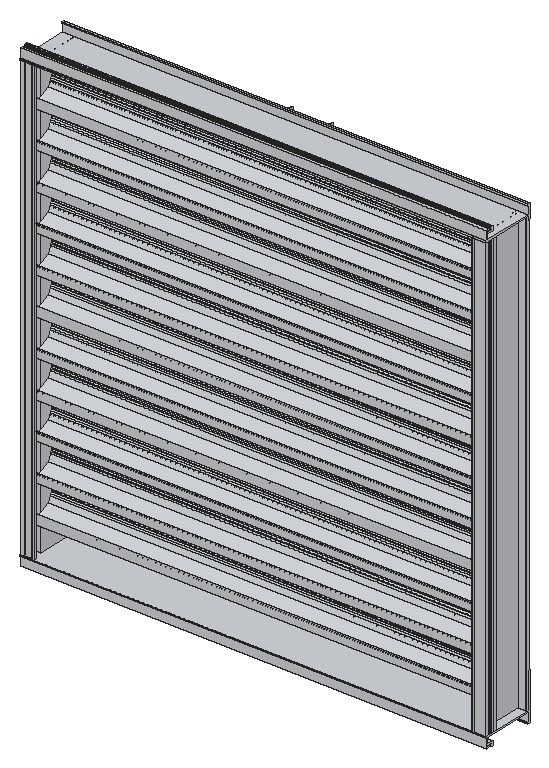
Revit family "AFL-D-4", category Mechanical Equipment, Revit 2015
Parameters
  URL = "http://unitedenertech.com/catalog/pdf/A_25%20AFL-D-4.pdf"
  Type Comments = "Max. Single Section Size is (60\"w  x  96\"h)"
  Model = "AFL-D-4"
  Manufacturer = "United Enertech Corporation"
  Exact Width = 3' - 0"
  Exact Height = 3' - 0"
  Description = "High Performance Adjustable Louver 4\""
  Depth = 0' - 4.21363"
  Bracket Spacing = 0' - 2.88"
  Bracket Number [instance] = rounddown((Exact Height - 0' 4 7/16") / 0' 2 225/256")  # 10
  Blade Spacing = 0' - 2.88"
  Blade Number [instance] = rounddown((Exact Height - 0' 1 3/4") / 0' 2 225/256")  # 11
  BW [instance] = Exact Width - 0' 1 11/16" - 0' 0 1/4"  # 2' - 10 1/16"
Reference planes (in)
  plane 1 "Center (Front/Back)": y = 0
  plane 2: z = 0
  plane 3 "Center (Left/Right)": x = 0
  plane 4: x = -18
  plane 5: x = 18
  plane 6: z = 36
  plane 7: x = -17.166
  plane 8: x = 17.166
  plane 9: z = 0.875
  plane 10: z = 35.125
  plane 11: y = 4.21363
  plane 12: x = -3
  plane 13: x = 3
  plane 14: z = 31.44324
  plane 15: z = 2.24717
Forms (in)
  Extrusion 1, solid
    sketch origin (25.60843, -7.07012, 0) x (1, 0, 0) y (0, 1, 0)
      loop
        line (-43.52743, 11.01475) -> (-43.52743, 11.12175) -> (-42.85543, 11.12175) -> (-42.85543, 8.12175) -> (-43.56243, 8.12175) -> (-43.56243, 7.70275) -> (-43.60843, 7.70275) -> (-43.60843, 7.62175) -> (-43.56243, 7.62175) -> (-43.56243, 7.55975) -> (-43.48143, 7.55975) -> (-43.48143, 7.62175) -> (-43.39343, 7.62175) -> (-43.39343, 7.20275) -> (-43.48143, 7.20275) -> (-43.48143, 7.34075) -> (-43.56243, 7.34075) -> (-43.56243, 7.12175) -> (-42.60152, 7.12175) -> (-42.60152, 7.07012) -> (-42.48343, 7.07012) -> (-42.48343, 7.20275) -> (-42.77443, 7.20275) -> (-42.77443, 7.30975) -> (-42.85543, 7.30975) -> (-42.85543, 7.20275) -> (-43.31243, 7.20275) -> (-43.31243, 7.70275) -> (-43.48143, 7.70275) -> (-43.48143, 8.04075) -> (-42.77443, 8.04075) -> (-42.77443, 11.15275) -> (-42.48343, 11.15275) -> (-42.48343, 11.20275) -> (-43.60843, 11.20275) -> (-43.60843, 11.01475) -> (-43.52743, 11.01475)
    from 0.875 to 35.125
  Extrusion 2, solid
    sketch origin (-25.60843, -7.07012, 0) x (-1, 0, 0) y (0, -1, 0)
      loop
        line (-43.52743, -11.01475) -> (-43.60843, -11.01475) -> (-43.60843, -11.20275) -> (-42.48343, -11.20275) -> (-42.48343, -11.15275) -> (-42.77443, -11.15275) -> (-42.77443, -8.04075) -> (-43.48143, -8.04075) -> (-43.48143, -7.70275) -> (-43.31243, -7.70275) -> (-43.31243, -7.20275) -> (-42.85543, -7.20275) -> (-42.85543, -7.30975) -> (-42.77443, -7.30975) -> (-42.77443, -7.20275) -> (-42.48343, -7.20275) -> (-42.48343, -7.07012) -> (-42.60152, -7.07012) -> (-42.60152, -7.12175) -> (-43.56243, -7.12175) -> (-43.56243, -7.34075) -> (-43.48143, -7.34075) -> (-43.48143, -7.20275) -> (-43.39343, -7.20275) -> (-43.39343, -7.62175) -> (-43.48143, -7.62175) -> (-43.48143, -7.55975) -> (-43.56243, -7.55975) -> (-43.56243, -7.62175) -> (-43.60843, -7.62175) -> (-43.60843, -7.70275) -> (-43.56243, -7.70275) -> (-43.56243, -8.12175) -> (-42.85543, -8.12175) -> (-42.85543, -11.12175) -> (-43.52743, -11.12175) -> (-43.52743, -11.01475)
    from 0.875 to 35.125
  Extrusion 3, solid
    sketch origin (-45.52421, 51.14788, -11.06076) x (0, 1, 0) y (0, 0, 1)
      loop
        line (-50.59625, 11.06076) -> (-50.51525, 11.06076) -> (-50.51525, 11.38576) -> (-51.01525, 11.38576) -> (-51.01525, 11.85476) -> (-47.01525, 11.85476) -> (-47.01525, 11.14176) -> (-47.12225, 11.14176) -> (-47.12225, 11.06076) -> (-46.93425, 11.06076) -> (-46.93425, 14.73576) -> (-47.01525, 14.73576) -> (-47.01525, 11.93576) -> (-51.14788, 11.93576) -> (-51.14788, 11.85476) -> (-51.09625, 11.85476) -> (-51.09625, 11.13576) -> (-50.87825, 11.13576) -> (-50.87825, 11.21676) -> (-51.01525, 11.21676) -> (-51.01525, 11.30476) -> (-50.59625, 11.30476) -> (-50.59625, 11.21676) -> (-50.65925, 11.21676) -> (-50.65925, 11.13576) -> (-50.59625, 11.13576) -> (-50.59625, 11.06076)
    from 27.52421 to 63.52421
  Extrusion 4, solid
    sketch origin (-48.17663, 52.05692, 22.47467) x (0, 1, 0) y (0, 0, 1)
      loop
        line (-51.50529, 13.52533) -> (-51.50529, 13.45033) -> (-51.56829, 13.45033) -> (-51.56829, 13.36933) -> (-51.50529, 13.36933) -> (-51.50529, 13.28133) -> (-51.92429, 13.28133) -> (-51.92429, 13.36933) -> (-51.78729, 13.36933) -> (-51.78729, 13.45033) -> (-52.00529, 13.45033) -> (-52.00529, 12.73133) -> (-52.05692, 12.73133) -> (-52.05692, 12.65033) -> (-47.92429, 12.65033) -> (-47.92429, 12.40033) -> (-47.84329, 12.40033) -> (-47.84329, 13.52533) -> (-48.03129, 13.52533) -> (-48.03129, 13.44433) -> (-47.92429, 13.44433) -> (-47.92429, 12.73133) -> (-51.92429, 12.73133) -> (-51.92429, 13.20033) -> (-51.42429, 13.20033) -> (-51.42429, 13.52533) -> (-51.50529, 13.52533)
    from 30.17663 to 66.17663
  Extrusion 5, solid
    sketch origin (8.62965, -6.98759, 0) x (1, 0, 0) y (0, 1, 0)
      loop
        line (-11.62965, 11.20123) -> (-10.12965, 11.20123) -> (-10.12965, 12.70123) -> (-10.25465, 12.70123) -> (-10.25465, 11.32623) -> (-11.62965, 11.32623) -> (-11.62965, 11.20123)
    from 0.875 to 35.125
  Extrusion 6, solid
    sketch origin (-8.62965, -6.98759, 0) x (-1, 0, 0) y (0, -1, 0)
      loop
        line (-11.62965, -11.20123) -> (-11.62965, -11.32623) -> (-10.25465, -11.32623) -> (-10.25465, -12.70123) -> (-10.12965, -12.70123) -> (-10.12965, -11.20123) -> (-11.62965, -11.20123)
    from 0.875 to 35.125
  Extrusion 7, solid
    sketch origin (0, 0, 0) x (1, 0, 0) y (0, 1, 0)
      loop
        circle (0, 4.47263) r 0.17701
    from 2.24717 to 31.44324
Dimensions and locks (in)
  equal spacing: plane 4, plane 3 "Center (Left/Right)", plane 5
  "Exact Width": plane 4 to plane 5
  "Exact Height": plane 6 to level
  locked: plane 4 to plane 7 at 0.834
  locked: plane 8 to plane 5 at 0.834
  locked: plane 9 to level at 0.875
  locked: plane 6 to plane 10 at 0.875
  "Depth": plane 1 "Center (Front/Back)" to plane 11
  equal spacing: group 1, group 2, group 3, group 4, group 5, group 6, group 7, group 14, group 15, group 16, group 17  (x2)
  equal spacing: group 17, group 16, group 15, group 14, group 7, group 6, group 5, group 4, group 3, group 2, group 1
  "Blade Spacing": nested 2 to nested 1
  equal spacing: plane 12, plane 3 "Center (Left/Right)", plane 13
  locked: plane 12 to plane 13 at 6
  locked: plane 6 to plane 14 at 4.55676
  equal spacing: group 8, group 9, group 10, group 11, group 12, group 13, group 18, group 19, group 20, group 21  (x2)
  equal spacing: group 21, group 20, group 19, group 18, group 13, group 12, group 11, group 10, group 9, group 8
  "Bracket Spacing": nested 9 to nested 8
  locked: plane 15 to level at 2.24717
  aligned and locked: level to plane 2
  aligned and locked: Extrusion 1 to plane 9
  aligned and locked: Extrusion 2 to plane 9
  aligned and locked: plane 5 to Extrusion 3
  aligned and locked: plane 4 to Extrusion 3
  aligned and locked: plane 6 to Extrusion 4
  aligned and locked: plane 5 to Extrusion 4
  aligned and locked: plane 4 to Extrusion 4
  aligned and locked: plane 10 to Extrusion 1
  aligned and locked: plane 10 to Extrusion 2
  aligned and locked: plane 3 "Center (Left/Right)" to nested 1
  aligned and locked: plane 10 to nested 1
  aligned and locked: nested 2 to nested 1
  aligned and locked: plane 10 to Extrusion 5
  aligned and locked: Extrusion 5 to plane 9
  aligned and locked: plane 10 to Extrusion 6
  aligned and locked: Extrusion 6 to plane 9
  aligned and locked: plane 9 to Extrusion 5
  aligned and locked: nested 8 to plane 14
  aligned and locked: plane 14 to Extrusion 7
  aligned and locked: Extrusion 7 to plane 15
Automatic sketch dimensions
  Extrusion 1 sketch curve to plane 4 = 0' - 0"  (x2)
  Extrusion 1 sketch curve to plane 7 = 0' - 0"  (x2)
  plane 1 "Center (Front/Back)" to Extrusion 1 sketch curve = 0' - 0"
  Extrusion 1 sketch curve to plane 4 = 0' - 0.046"  (x3)
  Extrusion 1 sketch curve to plane 4 = 0' - 0.081"
  Extrusion 1 sketch curve to Extrusion 1 sketch curve = 0' - 0.081"  (x9)
  Extrusion 1 sketch curve to Extrusion 1 sketch curve = 0' - 0.088"
  plane 7 to Extrusion 1 sketch curve = 0' - 0.081"
  Extrusion 1 sketch curve to plane 7 = 0' - 0.17291"
  plane 11 to Extrusion 1 sketch curve = 0' - 0.081"
  Extrusion 1 sketch curve to plane 7 = 0' - 0.291"
  Extrusion 1 sketch curve to Extrusion 1 sketch curve = 0' - 0.11809"
  Extrusion 1 sketch curve to plane 1 "Center (Front/Back)" = 0' - 0.05163"
  Extrusion 1 sketch curve to plane 1 "Center (Front/Back)" = 0' - 0.13263"
  Extrusion 1 sketch curve to Extrusion 1 sketch curve = 0' - 0"
  Extrusion 1 sketch curve to Extrusion 1 sketch curve = 0' - 0.107"
  Extrusion 1 sketch curve to Extrusion 1 sketch curve = 0' - 0.138"
  Extrusion 1 sketch curve to Extrusion 1 sketch curve = 0' - 0.219"
  Extrusion 1 sketch curve to Extrusion 1 sketch curve = 0' - 0.062"  (x2)
  Extrusion 1 sketch curve to Extrusion 1 sketch curve = 0' - 0.338"
  Extrusion 1 sketch curve to Extrusion 1 sketch curve = 0' - 0.188"
  plane 11 to Extrusion 1 sketch curve = 0' - 0.162"
  Extrusion 1 sketch curve to Extrusion 1 sketch curve = 0' - 0.05"
  Extrusion 2 sketch curve to plane 5 = 0' - 0"  (x2)
  Extrusion 2 sketch curve to plane 8 = 0' - 0"  (x2)
  plane 1 "Center (Front/Back)" to Extrusion 2 sketch curve = 0' - 0"
  Extrusion 2 sketch curve to Extrusion 2 sketch curve = 0' - 0.046"
  plane 5 to Extrusion 2 sketch curve = 0' - 0.046"  (x2)
  plane 5 to Extrusion 2 sketch curve = 0' - 0.081"
  Extrusion 2 sketch curve to Extrusion 2 sketch curve = 0' - 0.081"  (x8)
  Extrusion 2 sketch curve to Extrusion 2 sketch curve = 0' - 0.088"
  plane 8 to Extrusion 2 sketch curve = 0' - 0.081"  (x2)
  Extrusion 2 sketch curve to plane 8 = 0' - 0.17291"
  Extrusion 2 sketch curve to plane 11 = 0' - 0.081"
  Extrusion 2 sketch curve to plane 8 = 0' - 0.291"
  Extrusion 2 sketch curve to Extrusion 2 sketch curve = 0' - 0.11809"
  plane 1 "Center (Front/Back)" to Extrusion 2 sketch curve = 0' - 0.05163"
  plane 1 "Center (Front/Back)" to Extrusion 2 sketch curve = 0' - 0.13263"
  Extrusion 2 sketch curve to Extrusion 2 sketch curve = 0' - 0"
  Extrusion 2 sketch curve to Extrusion 2 sketch curve = 0' - 0.107"
  Extrusion 2 sketch curve to Extrusion 2 sketch curve = 0' - 0.138"
  Extrusion 2 sketch curve to Extrusion 2 sketch curve = 0' - 0.219"
  Extrusion 2 sketch curve to Extrusion 2 sketch curve = 0' - 0.062"  (x2)
  Extrusion 2 sketch curve to Extrusion 2 sketch curve = 0' - 0.338"
  Extrusion 2 sketch curve to Extrusion 2 sketch curve = 0' - 0.188"
  Extrusion 2 sketch curve to plane 11 = 0' - 0.162"
  Extrusion 2 sketch curve to Extrusion 2 sketch curve = 0' - 0.05"
  Extrusion 3 sketch curve to plane 1 "Center (Front/Back)" = 0' - 0"
  Extrusion 3 sketch curve to level = 0' - 0"  (x2)
  plane 9 to Extrusion 3 sketch curve = 0' - 0"
  Extrusion 3 sketch curve to plane 11 = 0' - 0"
  Extrusion 3 sketch curve to plane 1 "Center (Front/Back)" = 0' - 0.05163"
  Extrusion 3 sketch curve to plane 1 "Center (Front/Back)" = 0' - 0.13263"
  Extrusion 3 sketch curve to Extrusion 3 sketch curve = 0' - 0"  (x2)
  level to Extrusion 3 sketch curve = 0' - 0.075"  (x2)
  Extrusion 3 sketch curve to Extrusion 3 sketch curve = 0' - 0.137"
  Extrusion 3 sketch curve to Extrusion 3 sketch curve = 0' - 0.219"
  Extrusion 3 sketch curve to Extrusion 3 sketch curve = 0' - 0.063"  (x2)
  Extrusion 3 sketch curve to Extrusion 3 sketch curve = 0' - 0.081"  (x5)
  Extrusion 3 sketch curve to Extrusion 3 sketch curve = 0' - 0.188"
  plane 11 to Extrusion 3 sketch curve = 0' - 0.081"
  level to Extrusion 3 sketch curve = 0' - 0.081"
  Extrusion 3 sketch curve to Extrusion 3 sketch curve = 0' - 0.088"
  Extrusion 3 sketch curve to plane 9 = 0' - 0.081"
  Extrusion 3 sketch curve to Extrusion 3 sketch curve = 0' - 2.8"
  Extrusion 4 sketch curve to plane 1 "Center (Front/Back)" = 0' - 0"
  Extrusion 4 sketch curve to plane 6 = 0' - 0"  (x2)
  plane 10 to Extrusion 4 sketch curve = 0' - 0"
  Extrusion 4 sketch curve to plane 11 = 0' - 0"
  Extrusion 4 sketch curve to plane 1 "Center (Front/Back)" = 0' - 0.05163"
  Extrusion 4 sketch curve to Extrusion 4 sketch curve = 0' - 0.081"  (x9)
  Extrusion 4 sketch curve to plane 6 = 0' - 0.075"  (x2)
  Extrusion 4 sketch curve to Extrusion 4 sketch curve = 0' - 0.137"
  Extrusion 4 sketch curve to Extrusion 4 sketch curve = 0' - 0.219"
  Extrusion 4 sketch curve to Extrusion 4 sketch curve = 0' - 0.063"  (x2)
  Extrusion 4 sketch curve to Extrusion 4 sketch curve = 0' - 0.188"
  Extrusion 4 sketch curve to Extrusion 4 sketch curve = 0' - 0"
  Extrusion 4 sketch curve to plane 10 = 0' - 0 1/4"
  Extrusion 4 sketch curve to Extrusion 4 sketch curve = 0' - 0 1/4"
  Extrusion 4 sketch curve to Extrusion 4 sketch curve = 0' - 0.088"
  plane 11 to Extrusion 5 sketch curve = 0' - 0"
  Extrusion 5 sketch curve to plane 12 = 0' - 0"
  Extrusion 5 sketch curve to plane 12 = 0' - 1 3/8"
  Extrusion 5 sketch curve to Extrusion 5 sketch curve = 0' - 0 1/8"
  Extrusion 5 sketch curve to plane 11 = 0' - 0 1/8"
  Extrusion 5 sketch curve to Extrusion 5 sketch curve = 0' - 1 3/8"
  plane 11 to Extrusion 6 sketch curve = 0' - 0"
  Extrusion 6 sketch curve to plane 13 = 0' - 0"
  Extrusion 6 sketch curve to plane 13 = 0' - 1 3/8"
  Extrusion 6 sketch curve to Extrusion 6 sketch curve = 0' - 0 1/8"
  plane 11 to Extrusion 6 sketch curve = 0' - 0 1/8"
  Extrusion 6 sketch curve to Extrusion 6 sketch curve = 0' - 1 3/8"
  Extrusion 7 sketch curve to plane 3 "Center (Left/Right)" = 0' - 0"
  Extrusion 7 sketch curve to plane 11 = 0' - 0.25899"
  radius of Extrusion 7 sketch curve = 0' - 0.17701"
Nested families (in)
  nested 1: "AFL BLADE" at (0, 0.40094, 27.61689), type "AFL BLADE"
    with Blade Width 2' - 10 1/16"
  nested 2: "AFL BLADE" at (0, 0.40094, 24.73689), type "AFL BLADE"
    with Blade Width 2' - 10 1/16"
  nested 3: "AFL BLADE" at (0, 0.40094, 21.85689), type "AFL BLADE"
    with Blade Width 2' - 10 1/16"
  nested 4: "AFL BLADE" at (0, 0.40094, 18.97689), type "AFL BLADE"
    with Blade Width 2' - 10 1/16"
  nested 5: "AFL BLADE" at (0, 0.40094, 16.09689), type "AFL BLADE"
    with Blade Width 2' - 10 1/16"
  nested 6: "AFL BLADE" at (0, 0.40094, 13.21689), type "AFL BLADE"
    with Blade Width 2' - 10 1/16"
  nested 7: "AFL BLADE" at (0, 0.40094, 10.33689), type "AFL BLADE"
    with Blade Width 2' - 10 1/16"
  nested 8: "BRACKET" at (2.67211, 4.37874, 32.55215) x (1, 0, 0) z (0, 0.7411, -0.6714), type "BRACKET"
  nested 9: "BRACKET" at (2.67211, 4.37874, 29.67215) x (1, 0, 0) z (0, 0.7411, -0.6714), type "BRACKET"
  nested 10: "BRACKET" at (2.67211, 4.37874, 26.79215) x (1, 0, 0) z (0, 0.7411, -0.6714), type "BRACKET"
  nested 11: "BRACKET" at (2.67211, 4.37874, 23.91215) x (1, 0, 0) z (0, 0.7411, -0.6714), type "BRACKET"
  nested 12: "BRACKET" at (2.67211, 4.37874, 21.03215) x (1, 0, 0) z (0, 0.7411, -0.6714), type "BRACKET"
  nested 13: "BRACKET" at (2.67211, 4.37874, 18.15215) x (1, 0, 0) z (0, 0.7411, -0.6714), type "BRACKET"
  nested 14: "AFL BLADE" at (0, 0.40094, 7.45689), type "AFL BLADE"
    with Blade Width 2' - 10 1/16"
  nested 15: "AFL BLADE" at (0, 0.40094, 4.57689), type "AFL BLADE"
    with Blade Width 2' - 10 1/16"
  nested 16: "AFL BLADE" at (0, 0.40094, 1.69689), type "AFL BLADE"
    with Blade Width 2' - 10 1/16"
  nested 17: "AFL BLADE" at (0, 0.40094, -1.18311), type "AFL BLADE"
    with Blade Width 2' - 10 1/16"
  nested 18: "BRACKET" at (2.67211, 4.37874, 15.27215) x (1, 0, 0) z (0, 0.7411, -0.6714), type "BRACKET"
  nested 19: "BRACKET" at (2.67211, 4.37874, 12.39215) x (1, 0, 0) z (0, 0.7411, -0.6714), type "BRACKET"
  nested 20: "BRACKET" at (2.67211, 4.37874, 9.51215) x (1, 0, 0) z (0, 0.7411, -0.6714), type "BRACKET"
  nested 21: "BRACKET" at (2.67211, 4.37874, 6.63215) x (1, 0, 0) z (0, 0.7411, -0.6714), type "BRACKET"
Definition of nested family "AFL BLADE"
  Parameters (values of type "AFL BLADE")
    Blade Width = 3' - 0"
  Reference planes (in)
    plane 1 "Center (Front/Back)": y = 0
    plane 2: z = 0
    plane 3 "Center (Left/Right)": x = 0
    plane 4: x = -18
    plane 5: x = 18
  Forms (in)
    Extrusion 1, solid
      sketch origin (-3.15362, -5.02788, 4.26923) x (0, 1, 0) y (0, 0, 1)
        loop
          line (5.03354, 0.66654) -> (4.75958, 0.91894) -> (4.75958, 0.22266) -> (6.23617, 0.9538) -> (6.37256, 1.30316) -> (6.41699, 1.22622) -> (6.49281, 1.14899) -> (6.57101, 1.1067) -> (6.67638, 1.08557) -> (6.78981, 1.10145) -> (6.87827, 1.14558) -> (6.93436, 1.19523) -> (6.88643, 1.25332) -> (6.79944, 1.19263) -> (6.71837, 1.16823) -> (6.6402, 1.17097) -> (6.56589, 1.19817) -> (6.50341, 1.24768) -> (6.4602, 1.3132) -> (6.43972, 1.38637) -> (6.44287, 1.46592) -> (6.47006, 1.53901) -> (6.51966, 1.60128) -> (6.58411, 1.6438) -> (6.65966, 1.66477) -> (6.74103, 1.66066) -> (6.81447, 1.63197) -> (6.88287, 1.57287) -> (6.93281, 1.49004) -> (7.00291, 1.52525) -> (6.97381, 1.58318) -> (6.92152, 1.65087) -> (6.86242, 1.69997) -> (7.37329, 1.78679) -> (8.75772, 3.23888) -> (8.38145, 3.23888) -> (8.38145, 3.15327) -> (8.56415, 3.15327) -> (7.7424, 2.29165) -> (7.33358, 1.86299) -> (6.63194, 1.74261) -> (6.52656, 1.70538) -> (6.44024, 1.63596) -> (6.38442, 1.54848) -> (6.34009, 1.43904) -> (6.16777, 1.01244) -> (4.84058, 0.35329) -> (4.84058, 0.73409) -> (4.97861, 0.60692) -> (5.03354, 0.66654)
      from -14.84638 to 21.15362
  Dimensions and locks (in)
    equal spacing: plane 4, plane 3 "Center (Left/Right)", plane 5
    "Blade Width": plane 4 to plane 5
    aligned and locked: level to plane 2
    aligned and locked: Extrusion 1 to plane 5
    aligned and locked: plane 4 to Extrusion 1
  Automatic sketch dimensions
    plane 1 "Center (Front/Back)" to Extrusion 1 sketch curve = 0' - 0.2683"
    Extrusion 1 sketch curve to Extrusion 1 sketch curve = 0' - 0.081"
    plane 1 "Center (Front/Back)" to Extrusion 1 sketch curve = 0' - 0.04928"
    Extrusion 1 sketch curve to plane 1 "Center (Front/Back)" = 0' - 0.00565"
    Extrusion 1 sketch curve to plane 1 "Center (Front/Back)" = 0' - 1.13989"
    Extrusion 1 sketch curve to Extrusion 1 sketch curve = 0' - 0.0684"  (x2)
    Extrusion 1 sketch curve to Extrusion 1 sketch curve = 0' - 0.17232"
    Extrusion 1 sketch curve to Extrusion 1 sketch curve = 0' - 0.03247"
    Extrusion 1 sketch curve to Extrusion 1 sketch curve = 0' - 0.04433"
    Extrusion 1 sketch curve to Extrusion 1 sketch curve = 0' - 0.04442"
    Extrusion 1 sketch curve to Extrusion 1 sketch curve = 0' - 0.06716"
    Extrusion 1 sketch curve to Extrusion 1 sketch curve = 0' - 0.05583"
    Extrusion 1 sketch curve to Extrusion 1 sketch curve = 0' - 0.00315"
    Extrusion 1 sketch curve to Extrusion 1 sketch curve = 0' - 0.02048"
    Extrusion 1 sketch curve to Extrusion 1 sketch curve = 0' - 0.02719"
    Extrusion 1 sketch curve to Extrusion 1 sketch curve = 0' - 0.07582"
    Extrusion 1 sketch curve to Extrusion 1 sketch curve = 0' - 0.04321"
    Extrusion 1 sketch curve to Extrusion 1 sketch curve = 0' - 0.0496"
    Extrusion 1 sketch curve to Extrusion 1 sketch curve = 0' - 0.0069"
    Extrusion 1 sketch curve to Extrusion 1 sketch curve = 0' - 0 1/16"
    Extrusion 1 sketch curve to Extrusion 1 sketch curve = 0' - 0.0782"
    Extrusion 1 sketch curve to Extrusion 1 sketch curve = 0' - 0.06445"
    Extrusion 1 sketch curve to Extrusion 1 sketch curve = 0' - 0.04783"
    Extrusion 1 sketch curve to Extrusion 1 sketch curve = 0' - 0.07431"
    Extrusion 1 sketch curve to Extrusion 1 sketch curve = 0' - 0.07555"
    Extrusion 1 sketch curve to Extrusion 1 sketch curve = 0' - 0.03618"
    Extrusion 1 sketch curve to Extrusion 1 sketch curve = 0' - 0.07817"
    Extrusion 1 sketch curve to Extrusion 1 sketch curve = 0' - 0.08137"
    Extrusion 1 sketch curve to Extrusion 1 sketch curve = 0' - 0.07144"
    Extrusion 1 sketch curve to Extrusion 1 sketch curve = 0' - 0.08107"
    Extrusion 1 sketch curve to Extrusion 1 sketch curve = 0' - 0.07344"
    Extrusion 1 sketch curve to Extrusion 1 sketch curve = 0' - 0.04795"
    Extrusion 1 sketch curve to Extrusion 1 sketch curve = 0' - 0.07883"
    Extrusion 1 sketch curve to Extrusion 1 sketch curve = 0' - 0.08699"
    Extrusion 1 sketch curve to Extrusion 1 sketch curve = 0' - 0.0591"  (x2)
    Extrusion 1 sketch curve to Extrusion 1 sketch curve = 0' - 0.04994"
    Extrusion 1 sketch curve to Extrusion 1 sketch curve = 0' - 0.05609"
    Extrusion 1 sketch curve to Extrusion 1 sketch curve = 0' - 0.05229"
    Extrusion 1 sketch curve to Extrusion 1 sketch curve = 0' - 0.0291"
    Extrusion 1 sketch curve to Extrusion 1 sketch curve = 0' - 0.35977"
    Extrusion 1 sketch curve to Extrusion 1 sketch curve = 0' - 0.03971"
    Extrusion 1 sketch curve to Extrusion 1 sketch curve = 0' - 0.40883"
    Extrusion 1 sketch curve to Extrusion 1 sketch curve = 0' - 0.63904"
    Extrusion 1 sketch curve to Extrusion 1 sketch curve = 0' - 0.1827"
    Extrusion 1 sketch curve to Extrusion 1 sketch curve = 0' - 0.19358"
    level to Extrusion 1 sketch curve = 0' - 4.49189"
    Extrusion 1 sketch curve to Extrusion 1 sketch curve = 0' - 0.13063"
    Extrusion 1 sketch curve to Extrusion 1 sketch curve = 0' - 0.25363"
    Extrusion 1 sketch curve to Extrusion 1 sketch curve = 0' - 0.05962"
    Extrusion 1 sketch curve to Extrusion 1 sketch curve = 0' - 0.28726"
    Extrusion 1 sketch curve to Extrusion 1 sketch curve = 0' - 0.05864"
    Extrusion 1 sketch curve to Extrusion 1 sketch curve = 0' - 0.13177"
    Extrusion 1 sketch curve to Extrusion 1 sketch curve = 0' - 0.01587"
    Extrusion 1 sketch curve to Extrusion 1 sketch curve = 0' - 0.02113"
    Extrusion 1 sketch curve to Extrusion 1 sketch curve = 0' - 0.04414"
    Extrusion 1 sketch curve to Extrusion 1 sketch curve = 0' - 0.04228"
    Extrusion 1 sketch curve to Extrusion 1 sketch curve = 0' - 0.08266"
    Extrusion 1 sketch curve to Extrusion 1 sketch curve = 0' - 0.00273"
    Extrusion 1 sketch curve to Extrusion 1 sketch curve = 0' - 0.02439"
    Extrusion 1 sketch curve to Extrusion 1 sketch curve = 0' - 0.04965"
    Extrusion 1 sketch curve to Extrusion 1 sketch curve = 0' - 0.0272"
    Extrusion 1 sketch curve to Extrusion 1 sketch curve = 0' - 0.07723"
    Extrusion 1 sketch curve to Extrusion 1 sketch curve = 0' - 0.0495"
    Extrusion 1 sketch curve to Extrusion 1 sketch curve = 0' - 0.05809"
    Extrusion 1 sketch curve to Extrusion 1 sketch curve = 0' - 0.07695"
    Extrusion 1 sketch curve to Extrusion 1 sketch curve = 0' - 0.06552"
    Extrusion 1 sketch curve to Extrusion 1 sketch curve = 0' - 0.07317"
    Extrusion 1 sketch curve to Extrusion 1 sketch curve = 0' - 0.05267"
    Extrusion 1 sketch curve to Extrusion 1 sketch curve = 0' - 0.07955"
    Extrusion 1 sketch curve to Extrusion 1 sketch curve = 0' - 0.23672"
    Extrusion 1 sketch curve to Extrusion 1 sketch curve = 0' - 0.03522"
    Extrusion 1 sketch curve to Extrusion 1 sketch curve = 0' - 0.07309"
    Extrusion 1 sketch curve to Extrusion 1 sketch curve = 0' - 0.00947"
    Extrusion 1 sketch curve to Extrusion 1 sketch curve = 0' - 0.01031"
    Extrusion 1 sketch curve to Extrusion 1 sketch curve = 0' - 0.06227"
    Extrusion 1 sketch curve to Extrusion 1 sketch curve = 0' - 0.03468"
    Extrusion 1 sketch curve to Extrusion 1 sketch curve = 0' - 0.04252"
    Extrusion 1 sketch curve to Extrusion 1 sketch curve = 0' - 0.06769"
    Extrusion 1 sketch curve to Extrusion 1 sketch curve = 0' - 0.02869"
    Extrusion 1 sketch curve to Extrusion 1 sketch curve = 0' - 0.02097"
    Extrusion 1 sketch curve to Extrusion 1 sketch curve = 0' - 0.0491"
    Extrusion 1 sketch curve to Extrusion 1 sketch curve = 0' - 0.06158"
    Extrusion 1 sketch curve to Extrusion 1 sketch curve = 0' - 0.07783"
    Extrusion 1 sketch curve to Extrusion 1 sketch curve = 0' - 0.20361"
    Extrusion 1 sketch curve to Extrusion 1 sketch curve = 0' - 0.0762"
    Extrusion 1 sketch curve to Extrusion 1 sketch curve = 0' - 0.42866"
    Extrusion 1 sketch curve to Extrusion 1 sketch curve = 0' - 0.86162"
    Extrusion 1 sketch curve to Extrusion 1 sketch curve = 0' - 0.08561"
Definition of nested family "BRACKET"
  Reference planes (in)
    plane 1 "Center (Front/Back)": y = 0
    plane 2: z = 0
    plane 3 "Center (Left/Right)": x = 0
  Forms (in)
    Extrusion 1, solid
      sketch origin (-2.68978, 0, 0) x (1, 0, 0) y (0, 1, 0)
        loop
          line (-0.87301, 0.90078) -> (-0.86465, 0.86958) -> (-0.8419, 0.84683) -> (-0.8093, 0.83809) -> (-0.779, 0.84621) -> (-0.75683, 0.86838) -> (-0.74808, 0.90104) -> (-0.77994, 0.95397) -> (-0.81168, 0.96248) -> (-0.8425, 0.95422) -> (-0.86483, 0.93188) -> (-0.87301, 0.90078)
        loop
          line (-0.93538, 0.9154) -> (-0.93206, 0.86544) -> (-0.64736, 0.48722) -> (-0.58911, 0.45359) -> (-0.52742, 0.45359) -> (-0.46383, 0.48167) -> (-0.23166, 0.68275) -> (0.26824, 0.68275) -> (0.50644, 0.47916) -> (0.55228, 0.45269) -> (0.60696, 0.44805) -> (0.65295, 0.46335) -> (0.70069, 0.51109) -> (0.94703, 0.8246) -> (0.96905, 0.87284) -> (0.96905, 0.92278) -> (0.94661, 0.97737) -> (0.90851, 1.01547) -> (0.38693, 1.41977) -> (0.34918, 1.44157) -> (0.30813, 1.44599) -> (-0.27279, 1.44599) -> (-0.31429, 1.44029) -> (-0.34963, 1.41988) -> (-0.8889, 0.99856) -> (-0.91859, 0.96157) -> (-0.93538, 0.9154)
        loop
          line (0.84768, 0.83809) -> (0.87798, 0.84621) -> (0.90014, 0.86838) -> (0.90014, 0.93086) -> (0.87703, 0.95397) -> (0.84529, 0.96248) -> (0.81448, 0.95422) -> (0.79214, 0.93188) -> (0.78396, 0.90078) -> (0.79232, 0.86958) -> (0.81508, 0.84683) -> (0.84768, 0.83809)
      from 0 to 0.05
    Extrusion 2, solid
      sketch origin (-2.46819, 0, 2.56842) x (0, 0, -1) y (0, 1, 0)
        loop
          line (2.51842, 0.68327) -> (2.51842, 1.44594) -> (2.51176, 1.51478) -> (2.48916, 1.57964) -> (2.45293, 1.63829) -> (2.40233, 1.68888) -> (2.34486, 1.72864) -> (2.27938, 1.75164) -> (2.20777, 1.75915) -> (2.13925, 1.75208) -> (2.0744, 1.72832) -> (2.01055, 1.69145) -> (1.9628, 1.63668) -> (1.93051, 1.59239) -> (1.90399, 1.52215) -> (1.8947, 1.44597) -> (1.9075, 1.36441) -> (1.93504, 1.29244) -> (1.97741, 1.23669) -> (2.51842, 0.68327)
        loop
          line (2.41231, 1.4628) -> (2.40418, 1.50788) -> (2.3851, 1.55473) -> (2.35036, 1.5984) -> (2.30889, 1.63032) -> (2.27559, 1.64577) -> (2.24019, 1.65526) -> (2.19928, 1.65862) -> (2.14577, 1.65218) -> (2.1015, 1.63538) -> (2.05219, 1.60094) -> (2.01547, 1.55605) -> (1.99249, 1.50441) -> (1.9852, 1.44645) -> (1.99277, 1.39034) -> (2.01379, 1.3377) -> (2.04799, 1.29226) -> (2.09253, 1.25839) -> (2.14269, 1.23795) -> (2.19928, 1.23067) -> (2.25419, 1.23779) -> (2.31337, 1.26524) -> (2.36192, 1.30922) -> (2.3931, 1.35849) -> (2.40864, 1.40578) -> (2.41231, 1.4628)
      from 0 to 0.05
    Extrusion 3, solid
      sketch origin (-2.87479, 0, 2.56842) x (0, 0, -1) y (0, -1, 0)
        loop
          line (2.51842, -0.68327) -> (1.97741, -1.23669) -> (1.93504, -1.29244) -> (1.9075, -1.36441) -> (1.8947, -1.44597) -> (1.90399, -1.52215) -> (1.93051, -1.59239) -> (1.9628, -1.63668) -> (2.01055, -1.69145) -> (2.0744, -1.72832) -> (2.13925, -1.75208) -> (2.20777, -1.75915) -> (2.27938, -1.75164) -> (2.34486, -1.72864) -> (2.40233, -1.68888) -> (2.45293, -1.63829) -> (2.48916, -1.57964) -> (2.51176, -1.51478) -> (2.51842, -1.44594) -> (2.51842, -0.68327)
        loop
          line (2.41231, -1.4628) -> (2.40864, -1.40578) -> (2.3931, -1.35849) -> (2.36192, -1.30922) -> (2.31337, -1.26524) -> (2.25419, -1.23779) -> (2.19928, -1.23067) -> (2.14269, -1.23795) -> (2.09253, -1.25839) -> (2.04799, -1.29226) -> (2.01379, -1.3377) -> (1.99277, -1.39034) -> (1.9852, -1.44645) -> (1.99249, -1.50441) -> (2.01547, -1.55605) -> (2.05219, -1.60094) -> (2.1015, -1.63538) -> (2.14577, -1.65218) -> (2.19928, -1.65862) -> (2.24019, -1.65526) -> (2.27559, -1.64577) -> (2.30889, -1.63032) -> (2.35036, -1.5984) -> (2.3851, -1.55473) -> (2.40418, -1.50788) -> (2.41231, -1.4628)
      from 0 to 0.05
    Extrusion 4, solid
      sketch origin (0, 0, 0) x (0, 1, 0) y (0, 0, 1)
        loop
          circle (1.44593, 0.36759) r 0.25
      from -2.89968 to -2.44346
    Extrusion 5, solid
      sketch origin (0, 0.43938, -0.70774) x (1, 0, 0) y (0, 0.829038, 0.559193)
        loop
          circle (-2.67211, 1.44599) r 0.13823
      from 0.36066 to 1.36337
    Extrusion 6, solid
      sketch origin (0, 0.43938, -0.70774) x (1, 0, 0) y (0, -0.559193, 0.829038)
        loop
          circle (-2.67801, 1.03548) r 0.25
      from -1.61222 to -1.27315
  Dimensions and locks (in)
    aligned and locked: level to plane 2
